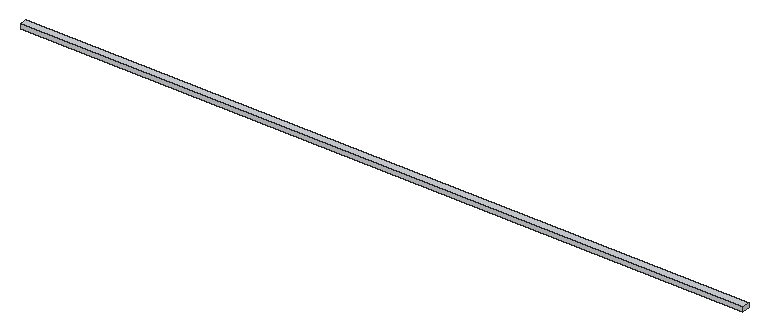
Revit family "MEGABRILLOSA 2835 IP20_S242128.W.1", category Luminarias, Revit 2019
Family settings
  Cota de conector redondo = Diámetro de uso
  Tipo de pieza = Normal
  Se basa en plano de trabajo = Sí
  Siempre vertical = No
  Corte con vacíos al cargar = No
  Origen de luz = Sí
  Compartido = No
  Punto de cálculo de habitación = No
Parameters (values of type "MEGABRILLOSA 2835 IP20_S242128.W.1")
  Tilt Angle = 60.00°
  Zone [instance] = ""
  Watt per fixture [instance] = (Longitud / 1000 mm) * (19.2)  # 19.2
  Wattage = 19.2 W
  built-in parameter 1150107 = 3000 (stored number, unit not read)
  built-in parameter 1150110 = 1 (stored number, unit not read)
  built-in parameter 1150109 = 1 (stored number, unit not read)
  built-in parameter 1150112 = 1 (stored number, unit not read)
  built-in parameter 1150113 = 1 (stored number, unit not read)
  built-in parameter 1114218 = 1 (stored number, unit not read)
  built-in parameter 1150142 = "IESNA:LM-63-1995\r\n[TEST]  \r\n[DATE] 2019/05/18\r\n[MANUFAC] BRILLANTE ILUMINACION\t\r\n[LUMCAT] MEGABRILLOSA 2835 IP20\r\n[LUMINAIRE] S242128.W.1\r\n[LAMPCAT] \r\n[LAMP] MEGABRILLOSA 2835 IP20  3000°K\r\n[BALLASTCAT] \r\n[BALLAST] \r\n[OTHER]  \r\n[More] Temprature:25 Humidity:40\r\n[More] Frequency:DC Voltage:24.0 Current:0.89 Power:21.36 PF:0.000\r\nTILT=NONE\r\n1 3256.600 1.000 13 13 2 2 0.008 0.1 0.01\r\n1.0 1.0 21.36\r\n-90.0 -75.0 -60.0 -45.0 -30.0 -15.0 0.0 15.0 30.0 45.0 60.0 75.0 90.0\r\n-90.0 -75.0 -60.0 -45.0 -30.0 -15.0 0.0 15.0 30.0 45.0 60.0 75.0 90.0\r\n2.373 2.373 2.373 2.373 2.373 2.373 2.373 2.373 2.373 2.373 2.373 2.373 2.373\r\n9.744 42.979 89.802 139.307 180.304 205.916 213.255 200.995 171.222 126.999 77.426 32.601 1.984\r\n13.573 94.259 215.489 329.611 417.101 470.323 486.741 462.566 402.045 306.570 188.321 71.801 2.012\r\n16.467 155.861 341.905 503.131 621.608 691.514 711.022 676.368 591.372 460.654 289.424 106.089 2.023\r\n17.739 197.161 429.378 626.069 767.862 853.895 877.995 840.886 741.002 588.671 380.118 144.923 2.074\r\n19.090 236.316 497.693 713.189 871.297 961.945 983.284 938.411 829.334 654.524 423.361 157.525 2.041\r\n19.122 235.883 507.242 731.263 895.237 991.025 1016.317 972.312 862.339 683.582 446.243 170.766 2.077\r\n18.973 231.146 491.603 709.869 865.720 951.657 976.608 933.851 824.716 649.346 418.409 151.829 2.062\r\n17.708 186.888 418.111 614.936 759.723 841.849 864.293 828.775 731.493 572.514 367.089 132.684 2.097\r\n16.182 144.104 327.827 488.056 608.371 680.013 693.262 656.575 577.048 444.964 271.125 91.529 2.067\r\n13.990 81.359 195.827 308.947 395.753 446.867 461.896 439.099 377.555 283.953 167.298 56.502 2.070\r\n11.215 34.375 74.493 119.702 158.493 182.647 189.264 176.069 147.478 106.279 60.619 22.728 2.054\r\n2.463 2.463 2.463 2.463 2.463 2.463 2.463 2.463 2.463 2.463 2.463 2.463 2.463\r\n"
  built-in parameter 1150137 = (empty or 0)
  built-in parameter 1150132 = (empty or 0)
  Modelo = "S242128.W.1"
  Lámpara = "2835 SMD"
  Longitud de línea de emisión = 600 mm
  Longitud [instance] = 1000 mm
  built-in parameter 1150105 = 198.63 (stored number, unit not read)
  built-in parameter 1150102 = (empty or 0)
  built-in parameter 1150106 = 1.9863 (stored number, unit not read)
  Lumens = 2496 lm
  Color Filter = 16777215
  built-in parameter 1114217 = 1 (stored number, unit not read)
  built-in parameter 1150139 = (empty or 0)
  Fabricante = "BRILLANT"
  Default Elevation = 0 mm
  built-in parameter 1150104 = 12.077 (stored number, unit not read)
  Descripción = "TIRA LED MEGA BRILLOSA 10MM DE ANCHO IP20 USO PARA INTERIORES, DE PCB BLANCO SIN RECUBRIMIENTO, MONO CROMATICA, CON UNA POTENCIA DE 19.2W/M DE UN TIPO DE LED 2835 SMD, IRC80, 128 LEDS POR METRO, PRESENTACION DE 5M, TEMPERATURA EN BLANCO CALIDO 3000K, 2496 LUMENES POR METRO, EFICIENCIA DE 130 LM/W, CORTE A 6.25CM, ALIMENTADA A 24V, REQUIERE ACCESORIOS COMO FUENTE DE PODER Y CABLE DE ALIMENTACION. PERFIL EN CASO DE SER NECESARIO."
  built-in parameter 1150115 = 1 (stored number, unit not read)
  built-in parameter 1150114 = 1 (stored number, unit not read)
  Costo USD_S242128 [instance] = (Longitud / 1000 mm) * (30)  # 30
  Cost = 0
  Comentarios de vataje = "24V"
  built-in parameter 1150138 = (empty or 0)
  built-in parameter 1150134 = (empty or 0)
  Circuit [instance] = ""
  Dimming Lamp Color Temperature Shift = (empty or 0)
  Archivo de red fotométrica = "S242128.W.1 IES.IES"
  Ancho = 10 mm
  built-in parameter 1150133 = 10 (stored number, unit not read)
Reference planes
  plane 1 "Centro (Frontal/Posterior)": y = 0
  plane 2: z = 0
  plane 3 "Centro (Izquierda/Derecha)": x = 0
  plane 4: x = 0
  plane 5: z = 12
  plane 6: x = -1000
  plane 7: y = 5
  plane 8: y = -5
Forms (mm)
  Extrusion 1, solid
    sketch origin (0, 0, 0) x (1, 0, 0) y (0, 1, 0)
      loop
        line (-1000, 5) -> (-1000, -5) -> (0, -5) -> (0, 5) -> (-1000, 5)
    from 0 to 6.038
Dimensions and locks
  "Longitud": plane 6 to plane 4
  equal spacing: plane 7, plane 1 "Centro (Frontal/Posterior)", plane 8
  plane 1 "Centro (Frontal/Posterior)" to plane 7 = 5 mm
  "Ancho": plane 7 to plane 8
  "Longitud": plane 6 to plane 3 "Centro (Izquierda/Derecha)"
  aligned and locked: level to plane 2
  aligned and locked: Extrusion 1 to plane 4
  aligned and locked: plane 6 to Extrusion 1
  aligned and locked: plane 3 "Centro (Izquierda/Derecha)" to Extrusion 1
  aligned and locked: Extrusion 1 to plane 7
  aligned and locked: Extrusion 1 to plane 8
Automatic sketch dimensions
  Extrusion 1 sketch curve to plane 6 = 0 mm
  Extrusion 1 sketch curve to plane 3 "Centro (Izquierda/Derecha)" = 0 mm
  plane 1 "Centro (Frontal/Posterior)" to Extrusion 1 sketch curve = 5 mm
  Extrusion 1 sketch curve to plane 1 "Centro (Frontal/Posterior)" = 5 mm
Connectors
  electrical at (0, 0, 3.019)
    settings: on Extrusion 1, index 1, voltage 24 V, apparent load 0 VA, apparent load phase1 0 VA, apparent load phase2 0 VA, apparent load phase3 0 VA, power factor 1, load classification "Otro", number of poles 1, system type 31, power factor state 1, is connector primary yes, connector utility no, sub classification motor no, connector description ""
